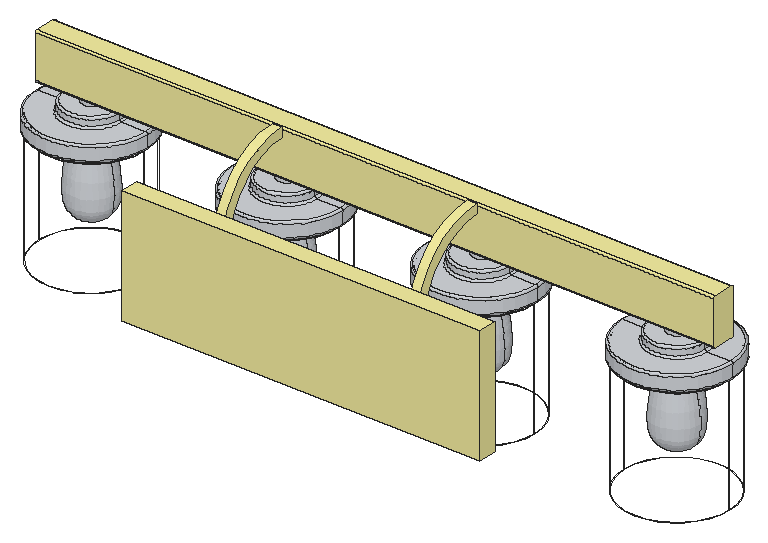
Revit family "Sconce Light", category Lighting Fixtures, host Wall, Revit 2020
Family settings
  Host = Wall
  Round Connector Dimension = Use Diameter
  Part Type = Normal
  Always vertical = Yes
  Cut with Voids When Loaded = No
  Light Source = No
  Shared = No
  Room Calculation Point = No
Parameters (values of type "Sconce Light")
  Width [instance] = 750 mm
  Sconce Type = Sconce1 : Sconce1
  Material = Wood
  Light Material = Light
  Glass Material = Glass
  Default Elevation = 0 mm
  Accent Material = Default New Material
Reference planes
  plane 1 "Wall": y = 0
  plane 2 "Center (Left/Right)": x = 125
  plane 3 "Back": y = 100
  plane 4: z = 1800
  plane 5: x = -250
  plane 6: x = 500
  plane 7: y = 115
Text (mm)
  text "Placement Side" at (-1848.837, 1116.779, 0), in view "Ref. Level"
  text "Placement side" at (0, 1409.804, 2854.306), in view "Left"
  text "Placement side" at (0, 499.811, 2980.732), in view "Right"
Dimensions and locks
  locked: plane 3 "Back" to host wall
  equal spacing: plane 6, plane 2 "Center (Left/Right)", plane 5
  "Width": plane 5 to plane 6
  plane 3 "Back" to plane 7 = 15 mm
  level to plane 4 = 1800 mm
  aligned and locked: plane 1 "Wall" to host wall
  aligned and locked: plane 2 "Center (Left/Right)" to nested 1
  aligned and locked: plane 4 to nested 1
Nested families
  nested 1: "Sconce1" at (0, 0, 715.29), type <- "Sconce Type", Material <- "Material", Width <- "Width", type "Sconce1"
    with Width 750 mm, Material Wood, Light Material none, Glazing Material Glass, Accent Material none
Definition of nested family "Sconce1"
  Parameters (values of type "Sconce1")
    Width [instance] = 750 mm
    Material [instance] = none
    Light Material [instance] = none
    Glazing Material [instance] = none
    Default Elevation = 0 mm
    Accent Material [instance] = none
  Reference planes
    plane 1 "Wall": y = 0
    plane 2 "Center (Left/Right)": x = 125
    plane 3 "Back": y = 75
    plane 4: z = 1084.71
    plane 5: z = 0
    plane 6: z = 1209.71
    plane 7: x = -67.444
    plane 8: x = 317.444
    plane 9: y = 95
    plane 10: x = -190
    plane 11: x = 230
    plane 12: x = 440
    plane 13: x = 20
    plane 14: y = 187.5
    plane 15: x = -250
    plane 16: x = 500
  Forms (mm)
    Extrusion 1, solid, material <- "Material"
      sketch origin (0, 75, 0) x (1, 0, 0) y (0, 0, 1)
        loop
          line (317.444, 1209.71) -> (-67.444, 1209.71) -> (-67.444, 1084.71) -> (317.444, 1084.71) -> (317.444, 1209.71)
      from 0 to -20
    Sweep 2, solid, material <- "Material"
      path origin (230, 570.848, 1200) x (0, 1, 0) y (0, 0, 1)
        loop
          line (-475.848, -85.29) -> (-475.848, -20.29)
          arc (-475.848, -20.29) -> (-452.416, 36.279) -> (-395.848, 59.71) r 80
      profile origin (230, 95, 1147.21) x (0, -1, 0) y (1, 0, 0)
        loop
          line (0, -5) -> (0, 5) -> (-10, 5) -> (-10, -5) -> (0, -5)
    Sweep 3, solid, material <- "Material"
      path origin (20, 570.848, 1200) x (0, 1, 0) y (0, 0, 1)
        loop
          line (-475.848, -85.29) -> (-475.848, -20.29)
          arc (-475.848, -20.29) -> (-452.416, 36.279) -> (-395.848, 59.71) r 80
      profile origin (20, 95, 1147.21) x (0, -1, 0) y (1, 0, 0)
        loop
          line (0, -5) -> (0, 5) -> (-10, 5) -> (-10, -5) -> (0, -5)
    Sweep 4, solid, material <- "Material"
      path origin (230, 175, 1259.71) x (1, 0, 0) y (0, 0, -1)
        loop
          line (260, 0) -> (-470.111, 0)
      profile origin (124.944, 175, 1259.71) x (0, 0, 1) y (0, 1, 0)
        loop
          line (0, 2) -> (0, 23)
          arc (0, 23) -> (-0.586, 24.414) -> (-2, 25) r 2
          line (-2, 25) -> (-48, 25)
          arc (-48, 25) -> (-49.414, 24.414) -> (-50, 23) r 2
          line (-50, 23) -> (-50, 2)
          arc (-50, 2) -> (-49.414, 0.586) -> (-48, 0) r 2
          line (-48, 0) -> (-2, 0)
          arc (-2, 0) -> (-0.586, 0.586) -> (0, 2) r 2
  Text (mm)
    text "Placement Side" at (-1848.837, 1116.779, 0), in view "Ref. Level"
    text "Placement side" at (0, 1409.804, 2854.306), in view "Left"
    text "Placement side" at (0, 499.811, 2980.732), in view "Right"
  Dimensions and locks
    locked: plane 3 "Back" to host wall
    locked: plane 11 to plane 8 at 87.444
    plane 3 "Back" to plane 9 = 20 mm
    equal spacing: plane 10, plane 13, plane 11, plane 12
    plane 8 to plane 12 = 122.556 mm
    plane 10 to plane 7 = 122.556 mm
    equal spacing: Sweep 2 sketch curve, plane 11, Sweep 2 sketch curve, locked at 5 each
    Sweep 3 sketch curve to Sweep 3 sketch curve = 10 mm
    locked: Sweep 4 sketch curve to plane 12 at 50
    locked: plane 10 to Sweep 4 sketch curve at 50.111
    locked: plane 14 to plane 9 at 92.5
    Sweep 4 sketch curve to plane 14 to Sweep 4 sketch curve = 12.5 mm locked, 12.5 mm locked
    locked: plane 15 to plane 10 at 60
    locked: plane 16 to plane 12 at 60
    equal spacing: plane 16, plane 2 "Center (Left/Right)", plane 15
    "Width": plane 15 to plane 16
    locked: plane 13 to plane 7 at 87.444
    aligned and locked: plane 1 "Wall" to host wall
    aligned and locked: level to plane 5
    aligned and locked: plane 4 to Extrusion 1 sketch curve
    aligned and locked: Extrusion 1 sketch curve to plane 6
    aligned and locked: Extrusion 1 sketch curve to plane 7
    aligned and locked: Extrusion 1 sketch curve to plane 8
    aligned and locked: plane 9 to Extrusion 1
    aligned and locked: plane 11 to nested 1
    aligned and locked: Sweep 4 sketch curve to Sweep 2
    aligned and locked: plane 6 to nested 1
    aligned and locked: plane 14 to nested 1
    aligned and locked: plane 13 to nested 2
    aligned and locked: plane 12 to nested 4
    aligned and locked: plane 10 to nested 3
    aligned and locked: plane 14 to nested 3
    aligned and locked: plane 14 to nested 2
    aligned and locked: plane 14 to nested 4
    aligned and locked: plane 6 to nested 4
    aligned and locked: plane 6 to nested 2
    aligned and locked: plane 6 to nested 3
  Automatic sketch dimensions
    Sweep 2 sketch curve to plane 9 = 0 mm
    Sweep 2 sketch curve to plane 6 = 30 mm
    Sweep 2 sketch curve to Sweep 2 sketch curve = 80 mm
    plane 4 to Sweep 2 sketch curve = 30 mm
    Sweep 2 sketch curve to profile plane = 0 mm
    plane 11 to Sweep 2 sketch curve = 5 mm
    profile plane to Sweep 2 sketch curve = 10 mm
    Sweep 3 sketch curve to profile plane = 0 mm
    profile plane to Sweep 3 sketch curve = 10 mm
    Sweep 3 sketch curve to profile plane = 5 mm
    profile plane to Sweep 3 sketch curve = 5 mm
    Sweep 3 sketch curve to plane 9 = 0 mm
    Sweep 3 sketch curve to plane 6 = 30 mm
    Sweep 3 sketch curve to Sweep 3 sketch curve = 80 mm
    plane 4 to Sweep 3 sketch curve = 30 mm
    profile plane to Sweep 4 sketch curve = 0 mm
    profile plane to Sweep 4 sketch curve = 2 mm  (x3)
    Sweep 4 sketch curve to Sweep 4 sketch curve = 46 mm
    Sweep 4 sketch curve to Sweep 4 sketch curve = 2 mm
  Nested families
    nested 1: "Lighting Device 2" at (230, 187.5, 1209.71), Accent Material <- "Accent Material", Glazing Material <- "Glazing Material", Light Material <- "Light Material", type "Lighting Device 2"
      with Light Material none, Glazing Material none, Accent Material none
    nested 2: "Lighting Device 2" at (20, 187.5, 1209.71), Accent Material <- "Accent Material", Glazing Material <- "Glazing Material", Light Material <- "Light Material", type "Lighting Device 2"
      with Light Material none, Glazing Material none, Accent Material none
    nested 3: "Lighting Device 2" at (-190, 187.5, 1209.71), Accent Material <- "Accent Material", Glazing Material <- "Glazing Material", Light Material <- "Light Material", type "Lighting Device 2"
      with Light Material none, Glazing Material none, Accent Material none
    nested 4: "Lighting Device 2" at (440, 187.5, 1209.71), Accent Material <- "Accent Material", Glazing Material <- "Glazing Material", Light Material <- "Light Material", type "Lighting Device 2"
      with Light Material none, Glazing Material none, Accent Material none
  Definition of nested family "Lighting Device 2"
    Parameters (values of type "Lighting Device 2")
      Wattage = 9.2903 W
      built-in parameter 1150110 = 1 (stored number, unit not read)
      built-in parameter 1114217 = 1 (stored number, unit not read)
      Tilt Angle = -90.00°
      built-in parameter 1150109 = 1 (stored number, unit not read)
      built-in parameter 1150134 = (empty or 0)
      built-in parameter 1150113 = 1 (stored number, unit not read)
      built-in parameter 1010507 = 1.5708 (stored number, unit not read)
      built-in parameter 1010506 = 0.5236 (stored number, unit not read)
      Lumens = 1380 lm
      built-in parameter 1150115 = 1 (stored number, unit not read)
      built-in parameter 1150105 = 4614.1 (stored number, unit not read)
      Light Source Symbol Length = 1000 mm
      Light Material [instance] = none
      built-in parameter 1150137 = (empty or 0)
      built-in parameter 1150139 = (empty or 0)
      built-in parameter 1150112 = 1 (stored number, unit not read)
      built-in parameter 1150114 = 1 (stored number, unit not read)
      built-in parameter 1150132 = 2
      built-in parameter 1150102 = (empty or 0)
      built-in parameter 1150138 = (empty or 0)
      built-in parameter 1150107 = 3000 (stored number, unit not read)
      built-in parameter 1150106 = 46.141 (stored number, unit not read)
      Glazing Material [instance] = none
      built-in parameter 1150104 = 13.8 (stored number, unit not read)
      Dimming Lamp Color Temperature Shift = (empty or 0)
      Default Elevation = 1219.2 mm
      Color Filter = 16777215
      built-in parameter 1114218 = 1 (stored number, unit not read)
      built-in parameter 1150133 = 10 (stored number, unit not read)
      Accent Material [instance] = none
    Reference planes
      plane 1 "Light Source Axis (F/B)": y = 0
      plane 2: z = 0
      plane 3 "Light Source Axis (L/R)": x = 0
      plane 4 "Light Source Elevation": z = -110
    Forms (mm)
      Revolve 1, solid, material <- "Accent Material"
        sketch origin (0, 0, 0) x (1, 0, 0) y (0, 0, 1)
          loop
            line (0, 0) -> (0, -21.904) -> (8.5, -21.904)
            arc (8.5, -21.904) -> (19.107, -26.297) -> (23.5, -36.904) r 15
            line (23.5, -36.904) -> (23.5, -51.904) -> (26, -51.904) -> (26, -16.904) -> (57, -16.904) -> (57, -30)
            arc (57, -30) -> (58.5, -31.5) -> (60, -30) r 1.5
            line (60, -30) -> (60, -17)
            arc (60, -17) -> (59.414, -15.586) -> (58, -15) r 2
            line (58, -15) -> (32, -15)
            arc (32, -15) -> (30.586, -14.414) -> (30, -13) r 2
            line (30, -13) -> (30, -7)
            arc (30, -7) -> (29.414, -5.586) -> (28, -5) r 2
            line (28, -5) -> (10, -5) -> (10, 0) -> (0, 0)
          axis (0, 0) -> (0, -51.904)
        angle from 0 to 360
      Revolve 2, solid, material <- "Glazing Material"
        sketch origin (0, 0, 0) x (1, 0, 0) y (0, 0, 1)
          loop
            line (57, -16.904) -> (56, -16.904) -> (56, -35) -> (56, -160) -> (57, -160) -> (57, -16.904)
          axis (0, -16.904) -> (0, -160)
        angle from 0 to 360
      Revolve 3, solid, material <- "Light Material"
        sketch origin (0, 0, 0) x (1, 0, 0) y (0, 0, 1)
          loop
            line (16.661, -46.589) -> (0, -46.589) -> (0, -116.059)
            spline (0, -116.059) -> (13.784, -114.294) -> (18.104, -111.154) -> (21.048, -107.672) -> (23.356, -103.303) -> (24.737, -97.128) -> (25.121, -88.958) -> (24.731, -79.514) -> (23.807, -69.569) -> (22.582, -60.151) -> (21.283, -52.746) -> (20.028, -48.757) -> (16.661, -46.589)
          axis (0, -46.589) -> (0, -116.059)
        angle from 0 to 360
    Dimensions and locks
      aligned and locked: plane 3 "Light Source Axis (L/R)" to imposter light
      aligned and locked: plane 1 "Light Source Axis (F/B)" to imposter light
      aligned and locked: plane 4 "Light Source Elevation" to imposter light
      aligned and locked: level to plane 2
